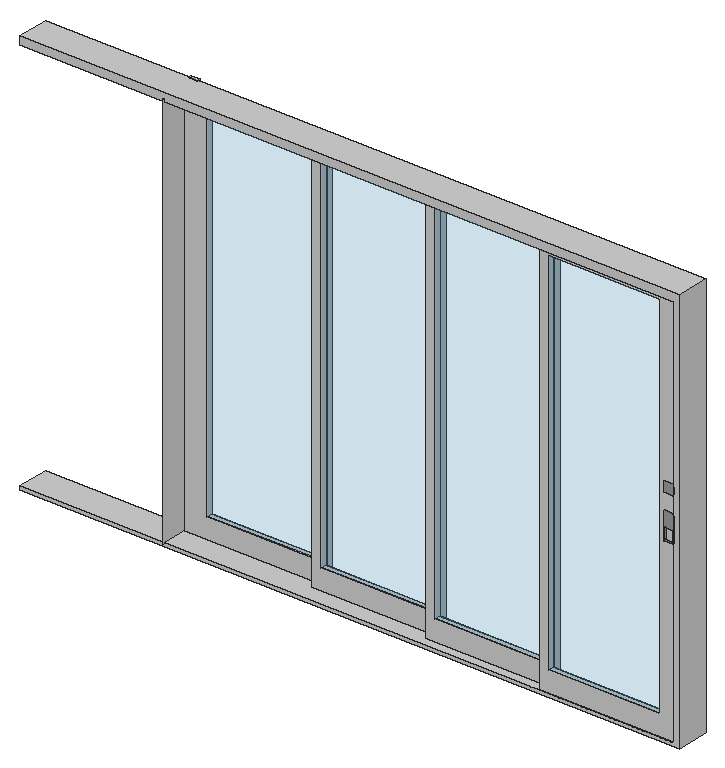
Revit family "Door-Slider-Pocket-Fleetwood-3070-PXXXX", category Doors, host Wall, Revit 2013
Parameters (values of type "Archetype Hardware - 3.5" Sightline Extender")
  Wall_Thickness [instance] = 12"
  URL = "www.fleetwoodusa.com"
  Thickness = 7.632"  # constant formula
  Shim_Space = 0.25"
  Rough Width = Width + 0.25" + Shim_Space  # 156.5"
  Rough Height = Height + Shim_Space  # 96.25"
  Pocket_Width = (roundup(((if(and(not(Panel_Width_1 < Panel_Width_2), not(Panel_Width_1 < Panel_Width_3), not(Panel_Width_1 < Panel_Width_4)), Panel_Width_1, if(and(not(Panel_Width_2 < Panel_Width_1), not(Panel_Width_2 < Panel_Width_3), not(Panel_Width_2 < Panel_Width_4)), Panel_Width_2, if(and(not(Panel_Width_3 < Panel_Width_1), not(Panel_Width_3 < Panel_Width_2), not(Panel_Width_3 < Panel_Width_4)), Panel_Width_3, Panel_Width_4))) + 2.25") * 4) / 1") * 1") / 4  # 36.25"
  Panel_Width_4 = if(Equal_Centerlines, (Daylight_Opening / 4) + 3.111", if(Equal Glass Sizes, ((Daylight_Opening - 9.1635") / 4) + 6.273", Daylight_Opening - Custom_CL_1 - Custom_CL_2 - Custom_CL_3 + 3.111"))  # 33.98213"
  Panel_Width_2 = if(Equal_Centerlines, ((Daylight_Opening / 4) + 2.074"), if(Equal Glass Sizes, (((Daylight_Opening - 9.1635") / 4) + 2.773"), Custom_CL_2 + 2.074"))  # 30.48213"
  Panel_Width_1 = if(Equal_Centerlines, ((Daylight_Opening / 4) + 0.0645"), if(Equal Glass Sizes, (((Daylight_Opening - 9.1635") / 4) + 4.668"), Custom_CL_1 + 0.0645"))  # 32.37713"
  Panel_Width_3 = if(Equal_Centerlines, ((Daylight_Opening / 4) + 2.074"), if(Equal Glass Sizes, (((Daylight_Opening - 9.1635") / 4) + 2.773"), Custom_CL_3 + 2.074"))  # 30.48213"
  Model = "3070"
  Manufacturer = "Fleetwood Windows and Doors"
  Interior Wrap Overhang = 0.375"
  Hardware = Stainless Steel, Brushed
  Glazing = Glass
  Frame_&_Panel = Aluminum, Anodized Clear
  Equal_Centerlines = no
  Equal Glass Sizes = if(or(Equal_Centerlines, Custom_Centerlines), 1 > 2, 1 < 2)  # yes
  Daylight_Opening = 120"
  Exterior Wrap Overhang = 0.5"
  Frame_Set_Back [instance] = (Wall_Thickness - Thickness) / 2  # 2.184"
  Function = Exterior
  Height = 96"
  Wall Closure = By host
  Width = Daylight_Opening + Pocket_Width - 0.25"  # 156"
  Custom_Centerlines = if(and(Custom_CL_1 > 6", Custom_CL_2 > 6", Custom_CL_3 > 6", not(Equal_Centerlines)), 1 < 2, 1 > 2)  # no
  Custom_CL_3 = 0"
  Custom_CL_2 = 0"
  Custom_CL_1 = 0"
  Configuration = "PXXXX"
  Analytic Construction = "<None>"
  Actuator_Height = 53.75"
Reference planes (in)
  plane 1 "Center (Front/Back)": y = 0
  plane 2 "Center (Left/Right)": x = -24
  plane 3 "Right": x = 36.25
  plane 4 "Top": z = 96.25
  plane 5 "Exterior": y = 6
  plane 6 "Interior": y = -6
  plane 7 "Exterior Wrap Depth": y = 3.816
  plane 8 "Interior Wrap Depth": y = -3.816
  plane 9 "Right Frame": x = 36
  plane 10 "Exerier Wrap Left": x = -84
  plane 11 "Exterior Wrap Right": x = 35.5
  plane 12 "Exterior Wrap Top": z = 95.75
  plane 13 "Interior Wrap Right": x = 35.875
  plane 14 "Interior Wrap Top": z = 95.875
  plane 15 "Frame Top": z = 96
  plane 16: z = 0.302
  plane 17: y = 10
  plane 18: x = -120.25
  plane 19: z = 94.074
  plane 20: x = 34.657
  plane 21: z = 0.71
  plane 22: x = -120
  plane 23: x = 35.02747
  plane 24: z = 94.7725
  plane 25 "pocket_closer": x = -86.074
  plane 26: y = 2.862
  plane 27: y = -2.862
  plane 28: y = -0.954
  plane 29: y = 0.954
Forms (in)
  Extrusion 1, void
    sketch origin (0, 0, 0) x (1, 0, 0) y (0, 1, 0)
      loop
        line (-84, 6) -> (-84, 3.816) -> (35.5, 3.816) -> (35.5, 6) -> (-84, 6)
    from 0 to 95.75
  Extrusion 2, void
    sketch origin (0, 0, 0) x (1, 0, 0) y (0, 1, 0)
      loop
        line (-84, 3.816) -> (-84, -3.816) -> (36.25, -3.816) -> (36.25, 3.816) -> (-84, 3.816)
    from 0 to 96.25
  Extrusion 3, void
    sketch origin (0, 0, 0) x (1, 0, 0) y (0, 1, 0)
      loop
        line (-84, -3.816) -> (-84, -6) -> (35.875, -6) -> (35.875, -3.816) -> (-84, -3.816)
    from 0 to 95.875
  Extrusion 4, void
    sketch origin (0, 0, 0) x (1, 0, 0) y (0, 1, 0)
      loop
        line (-120.25, 4.191) -> (-120.25, -4.191) -> (-84, -4.191) -> (-84, 4.191) -> (-120.25, 4.191)
    from 0 to 96.25
  Extrusion 5, solid, material "Aluminum, Anodized Clear" <- "Frame_&_Panel"
    sketch origin (0, 3.816, 0) x (1, 0, 0) y (0, 0, 1)
      loop
        line (-120, 94.074) -> (34.657, 94.074) -> (34.657, 0.71) -> (-120, 0.71) -> (-120, 0) -> (36, 0) -> (36, 96) -> (-120, 96) -> (-120, 94.074)
    from 0 to 7.632
  Extrusion 6, solid, material "Aluminum, Anodized Clear" <- "Frame_&_Panel"
    sketch origin (0, 0, 0) x (1, 0, 0) y (0, 1, 0)
      loop
        line (-86.074, 4.21204) -> (-86.074, 3.57684) -> (-84, 3.57684) -> (-84, 4.21204) -> (-86.074, 4.21204)
    from 0 to 96
  Extrusion 7, solid, material "Aluminum, Anodized Clear" <- "Frame_&_Panel"
    sketch origin (-86.074, 14.0328, 48) x (0, 1, 0) y (0, 0, 1)
      loop
        line (-10.45595, 46.7725) -> (-18.0363, 46.7725) -> (-18.0363, -47.698) -> (-10.45595, -47.698) -> (-10.45595, 46.7725)
    from 0 to -0.0625
Lines and regions (in)
  symbolic lines, not visible
    curve 1: line (-41.80247, 12.37674, 0) -> (-29.80247, 12.37674, 0)
    curve 2: line (-33.80247, 10.37674, 0) -> (-29.80247, 12.37674, 0)
    curve 3: line (-33.80247, 14.37674, 0) -> (-29.80247, 12.37674, 0)
Text (in)
  text "Exterior" at (-132.91204, 28.8494, 0), in view "Ref. Level"
  text "Interior" at (-132.91204, -21.81055, 0), in view "Ref. Level"
  text "Exterior" at (0, 40.15149, 123.01588), in view "Right"
  text "Interior" at (0, -64.39139, 123.01588), in view "Right"
  text "Interior" at (0, -31.01599, 123.00693), in view "Left"
  text "Exterior" at (0, 54.57065, 123.00693), in view "Left"
Dimensions and locks (in)
  "Frame_Set_Back": plane 7 "Exterior Wrap Depth" to plane 5 "Exterior"
  "Exterior Wrap Overhang": plane 11 "Exterior Wrap Right" to plane 9 "Right Frame"
  "Thickness": plane 7 "Exterior Wrap Depth" to plane 8 "Interior Wrap Depth"
  "Exterior Wrap Overhang": plane 12 "Exterior Wrap Top" to plane 4 "Top"
  "Interior Wrap Overhang": plane 13 "Interior Wrap Right" to plane 3 "Right"
  "Interior Wrap Overhang": plane 14 "Interior Wrap Top" to plane 4 "Top"
  "Rough Height": level to plane 4 "Top"
  "Height": level to plane 15 "Frame Top"
  "Wall_Thickness": host wall to host wall
  locked: level to plane 16 at 0.302
  locked: plane 5 "Exterior" to plane 17 at 4
  "Daylight_Opening": plane 10 "Exerier Wrap Left" to plane 9 "Right Frame"
  "Shim_Space": plane 9 "Right Frame" to plane 3 "Right"
  locked: plane 7 "Exterior Wrap Depth" to Extrusion 4 sketch curve at 0.375
  locked: plane 8 "Interior Wrap Depth" to Extrusion 4 sketch curve at 0.375
  "Pocket_Width": plane 18 to plane 10 "Exerier Wrap Left"
  locked: plane 19 to plane 15 "Frame Top" at 1.926
  locked: plane 20 to plane 9 "Right Frame" at 1.343
  locked: level to plane 21 at 0.71
  locked: plane 18 to plane 22 at 0.25
  locked: plane 23 to plane 9 "Right Frame" at 0.97253
  locked: plane 24 to plane 15 "Frame Top" at 1.2275
  locked: plane 25 "pocket_closer" to plane 10 "Exerier Wrap Left" at 2.074
  locked: plane 27 to plane 8 "Interior Wrap Depth" at 0.954
  locked: plane 26 to plane 7 "Exterior Wrap Depth" at 0.954
  locked: plane 27 to plane 28 at 1.908
  equal spacing: plane 10 "Exerier Wrap Left", plane 2 "Center (Left/Right)", plane 9 "Right Frame"
  locked: Extrusion 6 sketch curve to Extrusion 6 sketch curve at 0.6352
  locked: plane 8 "Interior Wrap Depth" to Extrusion 7 sketch curve at 0.1875
  locked: plane 28 to plane 29 at 1.908
  aligned and locked: plane 5 "Exterior" to host wall
  aligned and locked: host wall to plane 6 "Interior"
  aligned and locked: Extrusion 1 sketch curve to plane 7 "Exterior Wrap Depth"
  aligned and locked: plane 5 "Exterior" to Extrusion 1 sketch curve
  aligned and locked: plane 10 "Exerier Wrap Left" to Extrusion 1 sketch curve
  aligned and locked: plane 11 "Exterior Wrap Right" to Extrusion 1 sketch curve
  aligned and locked: Extrusion 1 to plane 12 "Exterior Wrap Top"
  aligned and locked: plane 3 "Right" to Extrusion 2 sketch curve
  aligned and locked: Extrusion 2 sketch curve to plane 7 "Exterior Wrap Depth"
  aligned and locked: plane 8 "Interior Wrap Depth" to Extrusion 2 sketch curve
  aligned and locked: Extrusion 2 to plane 4 "Top"
  aligned and locked: plane 13 "Interior Wrap Right" to Extrusion 3 sketch curve
  aligned and locked: Extrusion 3 sketch curve to plane 8 "Interior Wrap Depth"
  aligned and locked: Extrusion 3 sketch curve to plane 6 "Interior"
  aligned and locked: Extrusion 3 to plane 14 "Interior Wrap Top"
  aligned and locked: Extrusion 2 to plane 10 "Exerier Wrap Left"
  aligned and locked: Extrusion 4 sketch curve to plane 10 "Exerier Wrap Left"
  aligned and locked: Extrusion 4 to plane 4 "Top"
  aligned and locked: plane 18 to Extrusion 4
  aligned and locked: Extrusion 5 sketch curve to plane 22  (x2)
  aligned and locked: plane 9 "Right Frame" to Extrusion 5 sketch curve
  aligned and locked: level to Extrusion 5 sketch curve
  aligned and locked: Extrusion 5 sketch curve to plane 21
  aligned and locked: Extrusion 5 sketch curve to plane 20
  aligned and locked: plane 15 "Frame Top" to Extrusion 5 sketch curve
  aligned and locked: Extrusion 5 sketch curve to plane 19
  aligned and locked: Extrusion 5 to plane 8 "Interior Wrap Depth"
  aligned and locked: nested 1 to plane 17
  aligned and locked: nested 3 to plane 26
  aligned and locked: plane 25 "pocket_closer" to nested 3
  aligned and locked: nested 2 to nested 4
  aligned and locked: plane 28 to nested 4
  aligned and locked: nested 2 to plane 23
  aligned and locked: nested 4 to nested 1
  aligned and locked: nested 2 to nested 5
  aligned and locked: nested 3 to nested 6
  aligned and locked: plane 24 to nested 2
  aligned and locked: plane 24 to nested 4
  aligned and locked: nested 3 to plane 24
  aligned and locked: Extrusion 6 sketch curve to plane 10 "Exerier Wrap Left"
  aligned and locked: plane 25 "pocket_closer" to Extrusion 6 sketch curve
  aligned and locked: Extrusion 6 sketch curve to nested 3
  aligned and locked: Extrusion 6 to plane 15 "Frame Top"
  aligned and locked: Extrusion 7 sketch curve to plane 16
  aligned and locked: Extrusion 6 to Extrusion 7 sketch curve
  aligned and locked: Extrusion 7 sketch curve to plane 24
  aligned and locked: nested 2 to plane 27
  aligned and locked: nested 4 to nested 7
  aligned and locked: nested 7 to nested 8
  aligned and locked: plane 24 to nested 7
Automatic sketch dimensions
  Extrusion 2 sketch curve to plane 10 "Exerier Wrap Left" = 0"
  Extrusion 3 sketch curve to plane 10 "Exerier Wrap Left" = 0"
  Extrusion 4 sketch curve to plane 10 "Exerier Wrap Left" = 36.25"
Nested families (in)
  nested 1: "Arrow" at (-10.51672, 10, 0) x (-1, 0, 0) z (0, 0, 1), type "Arrow"
  nested 2: "3070_EX_Panel" at (11.02747, -2.862, 0.302), Panel_Finish <- "Frame_&_Panel", Hardware_Finish <- "Hardware", Glazing_Material <- "Glazing", Actuator_Height <- "Actuator_Height", Panel_Width <- "Panel_Width_1", type "Active Lead Panel Left Archetype"
    with Panel_Width 32.37713", Panel_Height 94.4705", Panel_Finish Aluminum, Anodized Clear, Hardware_Finish Stainless Steel, Brushed, Glazing_Material Glass, Glass_Width 26.33433", Actuator_Height 53.75"
  nested 3: "3070_EX_Panel" at (-76.09188, 2.862, 0.302), Panel_Finish <- "Frame_&_Panel", Hardware_Finish <- "Hardware", Glazing_Material <- "Glazing", Actuator_Height <- "Actuator_Height", Panel_Width <- "Panel_Width_4", type "Pocket Panel 3.5" Sightline Extender"
    with Panel_Width 33.98213", Panel_Height 94.4705", Panel_Finish Aluminum, Anodized Clear, Hardware_Finish Stainless Steel, Brushed, Glazing_Material Glass, Glass_Width 26.33393", Actuator_Height 53.75"
  nested 4: "3070_EX_Panel" at (-19.27566, -0.954, 0.302), Panel_Finish <- "Frame_&_Panel", Hardware_Finish <- "Hardware", Glazing_Material <- "Glazing", Actuator_Height <- "Actuator_Height", Panel_Width <- "Panel_Width_2", type "Sliding Panel  Interlock and Interlock"
    with Panel_Width 30.48213", Panel_Height 94.4705", Panel_Finish Aluminum, Anodized Clear, Hardware_Finish Stainless Steel, Brushed, Glazing_Material Glass, Glass_Width 26.33413", Actuator_Height 53.75"
  nested 5: "Arrow" at (18.83891, 10, 0) x (-1, 0, 0) z (0, 0, 1), type "Arrow"
  nested 6: "Arrow" at (-69.08294, 10, 0) x (-1, 0, 0) z (0, 0, 1), type "Arrow"
  nested 7: "3070_EX_Panel" at (-47.68378, 0.954, 0.302), Panel_Finish <- "Frame_&_Panel", Hardware_Finish <- "Hardware", Glazing_Material <- "Glazing", Actuator_Height <- "Actuator_Height", Panel_Width <- "Panel_Width_3", type "Sliding Panel  Interlock and Interlock"
    with Panel_Width 30.48213", Panel_Height 94.4705", Panel_Finish Aluminum, Anodized Clear, Hardware_Finish Stainless Steel, Brushed, Glazing_Material Glass, Glass_Width 26.33413", Actuator_Height 53.75"
  nested 8: "Arrow" at (-38.92484, 10, 0) x (-1, 0, 0) z (0, 0, 1), type "Arrow"
Definition of nested family "3070_EX_Panel"
  Parameters (values of type "Pocket Panel 3.5"SL Right Archetype Narrow")
    Top_Rail = if(Bottom_Rail_As_Top, 5.14844", 1.46094")  # 1.46094"
    Stile_Condition = 6
    Sightline_Extender_Condition = 0
    Right_Stile = if(or(Archetype_Stile, Archetype_Inactive_Panel), 3.9688", if(or(Archetype_Narrow_Inactive_Panel, Archetype_Narrow_Stile), 2.9102", if(Narrow_Fixed_Stile, 1.0195", if(Stile_Condition = 10, 5.464", 2.074"))))  # 2.9102"
    Panel_Width [instance] = 48"
    Panel_Height [instance] = 84"
    Panel_Finish [instance] = none
    Narrow_Fixed_Stile = Stile_Condition = 3  # no
    Model = ""
    Manufacturer = "Fleetwood Windows And Doors"
    Left_Stile = if([1_Sightline_Extender], 3.0742", if([2.5_Sightline_Extender], 4.5742", if([3.5_Sightline_Extender], 5.5742", 2.074")))  # 5.5742"
    Hardware_Finish [instance] = none
    Glass_Width [instance] = Panel_Width - (Right_Stile + Left_Stile)  # 39.5156"
    Double_Arrow = no
    Arrow = yes
    Archetype_Narrow_Inactive_Panel = Stile_Condition = 9  # no
    Archetype_Narrow_Hardware_L = Stile_Condition = 7  # no
    Archetype_Narrow_Hardware = yes
    Archetype_Inactive_Panel = Stile_Condition = 8  # no
    Archetype_Flush_Pulls = no
    Glazing_Material [instance] = none
    Glass_Thickness = 1"
    Description = ""
    Bottom_Rail_As_Top = no
    Bottom_Rail = 5.14844"  # constant formula
    Archetype_Narrow_Stile = or(Stile_Condition = 2, Stile_Condition = 6, Stile_Condition = 7, Stile_Condition = 9)  # yes
    Archetype_Stile = or(Stile_Condition = 1, Stile_Condition = 4, Stile_Condition = 5, Stile_Condition = 8)  # no
    Archetype_Narrow_Hardware_R = Stile_Condition = 6  # yes
    Archetype_Hardware_Right = Stile_Condition = 5  # no
    Archetype_Hardware_Left = Stile_Condition = 4  # no
    Archetype_Actuator = or(Archetype_Hardware_Right, Archetype_Hardware_Left)  # no
    Actuator_Height [instance] = 53.75"
    3.5_Sightline_Extender = yes
    2.5_Sightline_Extender = no
    1_Sightline_Extender = no
  Types (26): name | Stile_Condition | Sightline_Extender_Condition | Right_Stile | Narrow_Fixed_Stile | Left_Stile | Glass_Width | Double_Arrow | Arrow | Archetype_Narrow_Inactive_Panel | Archetype_Narrow_Hardware_L | Archetype_Narrow_Hardware | Archetype_Inactive_Panel | Archetype_Flush_Pulls | Description | Archetype_Narrow_Stile | Archetype_Stile | Archetype_Narrow_Hardware_R | Archetype_Hardware_Right | Archetype_Hardware_Left | Archetype_Actuator | Actuator_Height | 3.5_Sightline_Extender | 2.5_Sightline_Extender | 1_Sightline_Extender
    Sliding Panel  Interlock and Interlock | 0 | 0 | 2.074" | no | 2.074" | 43.852" | yes | yes | no | no | no | no | no | "" | no | no | no | no | no | no | 53.75" | no | no | no
    Pocket Panel 1" Sightline Extender | 0 | 1 | 2.074" | no | 3.0742" | 42.8518" | no | yes | no | no | no | no | no | "" | no | no | no | no | no | no | 53.75" | no | no | yes
    Pocket Panel 2.5" Sightline Extender | 0 | 2 | 2.074" | no | 4.5742" | 41.3518" | no | yes | no | no | no | no | no | "" | no | no | no | no | no | no | 53.75" | no | yes | no
    Pocket Panel 3.5" Sightline Extender | 0 | 3 | 2.074" | no | 5.5742" | 40.3518" | no | yes | no | no | no | no | no | "" | no | no | no | no | no | no | 53.75" | yes | no | no
    Active Lead Panel Right Archetype | 5 | 0 | 3.9688" | no | 2.074" | 41.9572" | no | yes | no | no | no | no | yes | "Fleetwood Sliding Door Panel" | no | yes | no | yes | no | yes | 53.9375" | no | no | no
    Active Lead Panel Right Archetype Narrow | 6 | 0 | 2.9102" | no | 2.074" | 43.0158" | no | yes | no | no | yes | no | no | "" | yes | no | yes | no | no | no | 53.75" | no | no | no
    Fixed Panel Narrow Fixed Stile | 3 | 0 | 1.0195" | yes | 2.074" | 44.9065" | no | no | no | no | no | no | no | "" | no | no | no | no | no | no | 53.75" | no | no | no
    Fixed Panel Archetype Narrow Stile | 2 | 0 | 2.9102" | no | 2.074" | 43.0158" | no | no | no | no | no | no | no | "" | yes | no | no | no | no | no | 53.75" | no | no | no
    Fixed Panel Archetype Stile | 1 | 0 | 3.9688" | no | 2.074" | 41.9572" | no | no | no | no | no | no | no | "" | no | yes | no | no | no | no | 53.75" | no | no | no
    Active Lead Panel Left Archetype | 4 | 0 | 3.9688" | no | 2.074" | 41.9572" | no | yes | no | no | no | no | yes | "" | no | yes | no | no | yes | yes | 53.9375" | no | no | no
    Active Lead Panel Left Archetype Narrow | 7 | 0 | 2.9102" | no | 2.074" | 43.0158" | no | yes | no | yes | yes | no | no | "" | yes | no | no | no | no | no | 53.75" | no | no | no
    Archetype_Inactive_Panel | 8 | 0 | 3.9688" | no | 2.074" | 41.9572" | no | yes | no | no | no | yes | yes | "" | no | yes | no | no | no | no | 53.75" | no | no | no
    Archetype_Narrow_Inactive_Panel | 9 | 0 | 2.9102" | no | 2.074" | 43.0158" | no | yes | yes | no | yes | no | no | "" | yes | no | no | no | no | no | 53.75" | no | no | no
    Archetype_90_Degree_Stile | 10 | 0 | 5.464" | no | 2.074" | 40.462" | no | yes | no | no | no | no | yes | "" | no | no | no | no | no | no | 53.75" | no | no | no
    Pocket_Panel_1"SL_Left_Archetype | 4 | 0 | 3.9688" | no | 3.0742" | 40.957" | no | yes | no | no | no | no | yes | "" | no | yes | no | no | yes | yes | 53.9375" | no | no | yes
    Pocket_Panel_2.5"SL_Left Archetype | 4 | 0 | 3.9688" | no | 4.5742" | 39.457" | no | yes | no | no | no | no | yes | "" | no | yes | no | no | yes | yes | 53.9375" | no | yes | no
    Pocket_Panel_3.5"SL_Left_Archetype | 4 | 0 | 3.9688" | no | 5.5742" | 38.457" | no | yes | no | no | no | no | yes | "" | no | yes | no | no | yes | yes | 53.9375" | yes | no | no
    Pocket_Panel 1"SL Left Archetype Narrow | 7 | 0 | 2.9102" | no | 3.0742" | 42.0156" | no | yes | no | yes | yes | no | no | "" | yes | no | no | no | no | no | 53.75" | no | no | yes
    Pocket_Panel_2.5"SL Left Archetype Narrow | 7 | 0 | 2.9102" | no | 4.5742" | 40.5156" | no | yes | no | yes | yes | no | no | "" | yes | no | no | no | no | no | 53.75" | no | yes | no
    Pocket_Panel_3.5"SL Left Archetype Narrow | 7 | 0 | 2.9102" | no | 5.5742" | 39.5156" | no | yes | no | yes | yes | no | no | "" | yes | no | no | no | no | no | 53.75" | yes | no | no
    Pocket Panel 1"SL Right Archetype | 5 | 0 | 3.9688" | no | 3.0742" | 40.957" | no | yes | no | no | no | no | yes | "Fleetwood Sliding Door Panel" | no | yes | no | yes | no | yes | 53.9375" | no | no | yes
    Pocket Panel 2.5"SL Right Archetype | 5 | 0 | 3.9688" | no | 4.5742" | 39.457" | no | yes | no | no | no | no | yes | "Fleetwood Sliding Door Panel" | no | yes | no | yes | no | yes | 53.9375" | no | yes | no
    Pocket Panel 3.5 SL Right Archetype | 5 | 0 | 3.9688" | no | 5.5742" | 38.457" | no | yes | no | no | no | no | yes | "Fleetwood Sliding Door Panel" | no | yes | no | yes | no | yes | 53.9375" | yes | no | no
    Pocket Panel 1"SL Right Archetype Narrow | 6 | 0 | 2.9102" | no | 3.0742" | 42.0156" | no | yes | no | no | yes | no | no | "" | yes | no | yes | no | no | no | 53.75" | no | no | yes
    Pocket Panel 2.5" SL Right Archetype Narrow | 6 | 0 | 2.9102" | no | 4.5742" | 40.5156" | no | yes | no | no | yes | no | no | "" | yes | no | yes | no | no | no | 53.75" | no | yes | no
    Pocket Panel 3.5"SL Right Archetype Narrow | 6 | 0 | 2.9102" | no | 5.5742" | 39.5156" | no | yes | no | no | yes | no | no | "" | yes | no | yes | no | no | no | 53.75" | yes | no | no
  Reference planes (in)
    plane 1 "Center (Front/Back)": y = 0
    plane 2: z = 0
    plane 3 "Center (Left/Right)": x = 0
    plane 4: y = -0.71484
    plane 5: y = 0.71484
    plane 6: x = -24
    plane 7: x = 24
    plane 8: z = 84
    plane 9: z = 5.14844
    plane 10: z = 82.53906
    plane 11: x = 21.0898
    plane 12: x = -18.4258
    plane 13: y = 0.5
    plane 14: y = -0.5
    plane 15: z = 53.75
    plane 16: x = 23.3198
    plane 17: y = 0
    plane 18: x = 22.74609
    plane 19: x = -22.96289
    plane 20: z = 42
    plane 21: x = -6
    plane 22: x = 6
    plane 23: x = -2
    plane 24: x = 2
  Forms (in)
    Extrusion 1, solid, material <- "Panel_Finish"
      sketch origin (0, 0, 0) x (1, 0, 0) y (0, 0, 1)
        loop
          line (24, 84) -> (-24, 84) -> (-24, 0) -> (24, 0) -> (24, 84)
        loop
          line (-18.4258, 5.14844) -> (21.0898, 5.14844) -> (21.0898, 82.53906) -> (-18.4258, 82.53906) -> (-18.4258, 5.14844)
      from -0.71484 to 0.71484
    Extrusion 2, solid, material <- "Glazing_Material"
      sketch origin (0, 0, 0) x (1, 0, 0) y (0, 0, 1)
        loop
          line (-18.4258, 82.53906) -> (-18.4258, 5.14844) -> (21.0898, 5.14844) -> (21.0898, 82.53906) -> (-18.4258, 82.53906)
      from -0.5 to 0.5
  Lines and regions (in)
    Masking region 1
      outline origin (0, 0, 0) x (1, 0, 0) y (0, 1, 0)
        loop
          line (-24, 0.71484) -> (-24, -0.71484) -> (24, -0.71484) -> (24, 0.71484) -> (-24, 0.71484)
    symbolic lines, visible <- "Arrow"
      curve 1: line (6, -0.71484, 42) -> (-6, -0.71484, 42)
      curve 2: line (-2, -0.71484, 40) -> (-6, -0.71484, 42)
      curve 3: line (-2, -0.71484, 44) -> (-6, -0.71484, 42)
    symbolic lines, visible <- "Double_Arrow"
      curve 4: line (2, -0.71484, 40) -> (6, -0.71484, 42)
      curve 5: line (2, -0.71484, 44) -> (6, -0.71484, 42)
  Dimensions and locks (in)
    equal spacing: plane 4, plane 1 "Center (Front/Back)", plane 5
    locked: plane 4 to plane 5 at 1.42969
    equal spacing: plane 6, plane 3 "Center (Left/Right)", plane 7
    "Panel_Width": plane 6 to plane 7
    "Panel_Height": plane 8 to plane 2
    "Bottom_Rail": plane 9 to level
    "Right_Stile": plane 7 to plane 11
    "Left_Stile": plane 12 to plane 6
    "Top_Rail": plane 8 to plane 10
    equal spacing: plane 14, plane 1 "Center (Front/Back)", plane 13
    "Glass_Thickness": plane 14 to plane 13
    "Actuator_Height": plane 15 to level
    locked: plane 18 to plane 7 at 1.25391
    locked: plane 6 to plane 19 at 1.03711
    equal spacing: plane 8, plane 20, level
    plane 22 to plane 3 "Center (Left/Right)" to plane 21 = 6" locked, 6" locked
    locked: plane 23 to plane 21 at 4
    locked: plane 22 to plane 24 at 4
    curve 3 to plane 20 to curve 2 = 2" locked, 2" locked
    locked: plane 15 to nested 1 at 5
    locked: plane 16 to plane 11 at 2.23
    aligned and locked: plane 2 to level
    aligned and locked: plane 8 to Extrusion 1 sketch curve
    aligned and locked: plane 7 to Extrusion 1 sketch curve
    aligned and locked: Extrusion 1 sketch curve to plane 2
    aligned and locked: Extrusion 1 sketch curve to plane 6
    aligned and locked: Extrusion 1 sketch curve to plane 12
    aligned and locked: plane 10 to Extrusion 1 sketch curve
    aligned and locked: plane 11 to Extrusion 1 sketch curve
    aligned and locked: Extrusion 1 sketch curve to plane 9
    aligned and locked: Extrusion 1 to plane 5
    aligned and locked: plane 4 to Extrusion 1
    aligned and locked: Extrusion 2 sketch curve to plane 10
    aligned and locked: plane 12 to Extrusion 2 sketch curve
    aligned and locked: plane 9 to Extrusion 2 sketch curve
    aligned and locked: Extrusion 2 sketch curve to plane 11
    aligned and locked: Extrusion 2 to plane 13
    aligned and locked: plane 14 to Extrusion 2
    aligned and locked: plane 1 "Center (Front/Back)" to nested 1
    aligned and locked: plane 16 to nested 1
    aligned and locked: plane 15 to nested 2
    aligned and locked: plane 18 to nested 2
    aligned and locked: plane 1 "Center (Front/Back)" to nested 2
    aligned and locked: plane 5 to Masking region 1 sketch curve
    aligned and locked: plane 6 to Masking region 1 sketch curve
    aligned and locked: Masking region 1 sketch curve to plane 4
    aligned and locked: Masking region 1 sketch curve to plane 7
    aligned and locked: plane 21 to curve 2
    aligned and locked: curve 1 to curve 2
    aligned and locked: plane 20 to curve 1
    aligned and locked: plane 24 to curve 5
    aligned and locked: plane 24 to curve 4
    aligned and locked: plane 22 to curve 5
    aligned and locked: nested 3 to plane 15
    aligned and locked: plane 16 to nested 3
    aligned and locked: nested 3 to plane 1 "Center (Front/Back)"
    aligned and locked: nested 4 to plane 1 "Center (Front/Back)"
    aligned and locked: nested 4 to plane 16
    aligned and locked: plane 15 to nested 4
  Automatic sketch dimensions
    curve 2 to plane 23 = 0"
    curve 3 to plane 23 = 0"
    curve 4 to plane 20 = 2"
    plane 20 to curve 5 = 2"
  Nested families (in)
    nested 1: "Archetype_Flush_Pulls" at (23.3198, 0, 42.25), Finish <- "Hardware_Finish", visible <- "Archetype_Flush_Pulls", type "Archetype_Flush_Pulls"
      with Finish none
    nested 2: "Archetype_Narrow_Hardware" at (22.74609, 0, 53.75), Finish <- "Hardware_Finish", Left <- "Archetype_Narrow_Hardware_L", visible <- "Archetype_Narrow_Hardware", Right <- "Archetype_Narrow_Hardware_R", type "Archetype_Narrow_Hardware", detail levels fine
      with Right yes, Pulls_Only no, Left no, Finish none
    nested 3: "Archetype_Actuator" at (23.3198, 0, 53.75) x (1, 0, 0) z (0, -1, 0), Finish <- "Hardware_Finish", visible <- "Archetype_Hardware_Left", type "Archetype_Actuator", detail levels fine
      with Finish none
    nested 4: "Archetype_Actuator" at (23.3198, 0, 53.75) x (1, 0, 0) z (0, 1, 0), Finish <- "Hardware_Finish", visible <- "Archetype_Hardware_Right", type "Archetype_Actuator", detail levels fine
      with Finish none
  Definition of nested family "Archetype_Flush_Pulls"
    Parameters (values of type "Archetype_Flush_Pulls")
      Finish [instance] = none
    Reference planes (in)
      plane 1 "Center (Front/Back)": y = 0
      plane 2: z = 0
      plane 3 "Center (Left/Right)": x = 0
      plane 4: z = 6.5
      plane 5: z = 0.27344
      plane 6: z = 3.07422
      plane 7: y = -0.80469
      plane 8: y = 0.80469
      plane 9: y = -0.80469
      plane 10: x = 1.1875
      plane 11: x = -1.1875
      plane 12: x = 0.91406
      plane 13: x = -0.91406
      plane 14 "ext": y = -0.80469
      plane 15 "int": y = 0.80469
      plane 16: z = 6.21875
      plane 17: z = 3.35547
    Forms (in)
      Extrusion 1, solid, material <- "Finish", detail levels fine
        sketch origin (0, 0, 0) x (1, 0, 0) y (0, 0, 1)
          loop
            arc (-0.9375, 6.5) -> (-1.11428, 6.42678) -> (-1.1875, 6.25) r 0.25
            line (-1.1875, 6.25) -> (-1.1875, 0.25)
            arc (-1.1875, 0.25) -> (-1.11428, 0.07322) -> (-0.9375, 0) r 0.25
            line (-0.9375, 0) -> (0.9375, 0)
            arc (0.9375, 0) -> (1.11428, 0.07322) -> (1.1875, 0.25) r 0.25
            line (1.1875, 0.25) -> (1.1875, 6.25)
            arc (1.1875, 6.25) -> (1.11428, 6.42678) -> (0.9375, 6.5) r 0.25
            line (0.9375, 6.5) -> (-0.9375, 6.5)
        from -0.80469 to 0.80469
      Extrusion 2, void
        sketch origin (0, -0.80469, 0) x (-1, 0, 0) y (0, 0, 1)
          loop
            line (0.78906, 3.07422) -> (-0.78906, 3.07422)
            arc (-0.78906, 3.07422) -> (-0.87745, 3.03761) -> (-0.91406, 2.94922) r 0.125
            line (-0.91406, 2.94922) -> (-0.91406, 0.39844)
            arc (-0.91406, 0.39844) -> (-0.87745, 0.31005) -> (-0.78906, 0.27344) r 0.125
            line (-0.78906, 0.27344) -> (0.78906, 0.27344)
            arc (0.78906, 0.27344) -> (0.87745, 0.31005) -> (0.91406, 0.39844) r 0.125
            line (0.91406, 0.39844) -> (0.91406, 2.94922)
            arc (0.91406, 2.94922) -> (0.87745, 3.03761) -> (0.78906, 3.07422) r 0.125
        from 0 to 1
      Extrusion 3, void
        sketch origin (0, 0.80469, 0) x (-1, 0, 0) y (0, 0, 1)
          loop
            arc (-0.78906, 6.21875) -> (-0.87745, 6.18214) -> (-0.91406, 6.09375) r 0.125
            line (-0.91406, 6.09375) -> (-0.91406, 3.48047)
            arc (-0.91406, 3.48047) -> (-0.87745, 3.39208) -> (-0.78906, 3.35547) r 0.125
            line (-0.78906, 3.35547) -> (0.78906, 3.35547)
            arc (0.78906, 3.35547) -> (0.87745, 3.39208) -> (0.91406, 3.48047) r 0.125
            line (0.91406, 3.48047) -> (0.91406, 6.09375)
            arc (0.91406, 6.09375) -> (0.87745, 6.18214) -> (0.78906, 6.21875) r 0.125
            line (0.78906, 6.21875) -> (-0.78906, 6.21875)
        from 0 to -1
    Cuts and joins
      Extrusion 2, Extrusion 3 cuts Extrusion 1
    Dimensions and locks (in)
      locked: plane 4 to level at 6.5
      locked: plane 11 to plane 10 at 2.375
      locked: plane 12 to plane 10 at 0.27344
      locked: plane 11 to plane 13 at 0.27344
      locked: plane 6 to plane 5 at 2.80078
      equal spacing: plane 15 "int", plane 1 "Center (Front/Back)", plane 14 "ext"
      locked: plane 15 "int" to plane 14 "ext" at 1.60938
      locked: plane 5 to level at 0.27344
      locked: plane 4 to plane 16 at 0.28125
      locked: plane 17 to plane 6 at 0.28125
      aligned and locked: plane 2 to level
      aligned and locked: Extrusion 2 sketch curve to plane 6
      aligned and locked: plane 12 to Extrusion 2 sketch curve
      aligned and locked: plane 5 to Extrusion 2 sketch curve
      aligned and locked: Extrusion 2 sketch curve to plane 13
      aligned and locked: plane 12 to Extrusion 3 sketch curve
      aligned and locked: Extrusion 3 sketch curve to plane 16
      aligned and locked: Extrusion 3 sketch curve to plane 13
      aligned and locked: plane 17 to Extrusion 3 sketch curve
    Automatic sketch dimensions
      plane 11 to Extrusion 1 sketch curve = 0"
      Extrusion 1 sketch curve to level = 0"
      Extrusion 1 sketch curve to plane 4 = 0"
      plane 10 to Extrusion 1 sketch curve = 0"
      Extrusion 1 sketch curve to plane 5 = 0.02344"
      plane 13 to Extrusion 1 sketch curve = 0.02344"
      Extrusion 1 sketch curve to plane 12 = 0.02344"  (x2)
      plane 12 to Extrusion 2 sketch curve = 0.125"  (x2)
      Extrusion 2 sketch curve to plane 13 = 0.125"  (x2)
      plane 12 to Extrusion 3 sketch curve = 0.125"  (x2)
      Extrusion 3 sketch curve to plane 13 = 0.125"  (x2)
  Definition of nested family "Archetype_Narrow_Hardware"
    Parameters (values of type "Archetype_Narrow_Hardware")
      Right [instance] = no
      Pulls_Only [instance] = if(or(Right, Left), 1 > 2, 1 < 2)  # yes
      Left [instance] = no
      Finish [instance] = none
    Reference planes (in)
      plane 1 "Center (Front/Back)": y = 0
      plane 2 "Actuator_Height": z = 0
      plane 3 "Center (Left/Right)": x = 0
      plane 4 "ext": y = 0.78906
      plane 5 "int": y = -0.78906
      plane 6: x = -0.6875
      plane 7: x = 0.6875
      plane 8: z = -1.75
      plane 9: z = 2.8125
      plane 10: z = 2.60547
      plane 11: x = 0.48047
      plane 12: x = -0.48047
      plane 13: z = -1.54297
      plane 14: z = 0.1875
      plane 15: z = -0.1875
      plane 16: z = 1.32031
      plane 17: z = 0
    Forms (in)
      Extrusion 1, solid, material <- "Finish", detail levels fine
        sketch origin (0, 0, 0) x (1, 0, 0) y (0, 0, 1)
          loop
            arc (-0.5625, 2.8125) -> (-0.65089, 2.77589) -> (-0.6875, 2.6875) r 0.125
            line (-0.6875, 2.6875) -> (-0.6875, -1.625)
            arc (-0.6875, -1.625) -> (-0.65089, -1.71339) -> (-0.5625, -1.75) r 0.125
            line (-0.5625, -1.75) -> (0.5625, -1.75)
            arc (0.5625, -1.75) -> (0.65089, -1.71339) -> (0.6875, -1.625) r 0.125
            line (0.6875, -1.625) -> (0.6875, 2.6875)
            arc (0.6875, 2.6875) -> (0.65089, 2.77589) -> (0.5625, 2.8125) r 0.125
            line (0.5625, 2.8125) -> (-0.5625, 2.8125)
        from -0.78906 to 0.78906
    Lines and regions (in)
      model lines, detail levels fine
        curve 1: line (0.5625, -0.78906, 2.8125) -> (-0.5625, -0.78906, 2.8125)
        curve 2: arc (0.6875, -0.78906, 2.6875) -> (0.65089, -0.78906, 2.77589) -> (0.5625, -0.78906, 2.8125) r 0.125
        curve 3: line (0.6875, -0.78906, -1.625) -> (0.6875, -0.78906, 2.6875)
        curve 4: arc (0.5625, -0.78906, -1.75) -> (0.65089, -0.78906, -1.71339) -> (0.6875, -0.78906, -1.625) r 0.125
        curve 5: line (-0.5625, -0.78906, -1.75) -> (0.5625, -0.78906, -1.75)
        curve 6: arc (-0.6875, -0.78906, -1.625) -> (-0.65089, -0.78906, -1.71339) -> (-0.5625, -0.78906, -1.75) r 0.125
        curve 7: line (-0.6875, -0.78906, 2.6875) -> (-0.6875, -0.78906, -1.625)
        curve 8: arc (-0.5625, -0.78906, 2.8125) -> (-0.65089, -0.78906, 2.77589) -> (-0.6875, -0.78906, 2.6875) r 0.125
        curve 9: line (-0.38672, -0.78906, 2.60547) -> (0.38672, -0.78906, 2.60547)
        curve 10: line (-0.48047, -0.78906, -1.44922) -> (-0.48047, -0.78906, 2.51172)
        curve 11: line (0.38672, -0.78906, -1.54297) -> (-0.38672, -0.78906, -1.54297)
        curve 12: line (0.48047, -0.78906, 2.51172) -> (0.48047, -0.78906, -1.44922)
        curve 13: arc (-0.48047, -0.78906, 2.51172) -> (-0.45301, -0.78906, 2.57801) -> (-0.38672, -0.78906, 2.60547) r 0.09375
        curve 14: arc (0.38672, -0.78906, 2.60547) -> (0.45301, -0.78906, 2.57801) -> (0.48047, -0.78906, 2.51172) r 0.09375
        curve 15: arc (0.48047, -0.78906, -1.44922) -> (0.45301, -0.78906, -1.51551) -> (0.38672, -0.78906, -1.54297) r 0.09375
        curve 16: arc (-0.38672, -0.78906, -1.54297) -> (-0.45301, -0.78906, -1.51551) -> (-0.48047, -0.78906, -1.44922) r 0.09375
        curve 17: line (0.5625, 0.78906, 2.8125) -> (-0.5625, 0.78906, 2.8125)
        curve 18: arc (0.6875, 0.78906, 2.6875) -> (0.65089, 0.78906, 2.77589) -> (0.5625, 0.78906, 2.8125) r 0.125
        curve 19: line (0.6875, 0.78906, -1.625) -> (0.6875, 0.78906, 2.6875)
        curve 20: arc (0.5625, 0.78906, -1.75) -> (0.65089, 0.78906, -1.71339) -> (0.6875, 0.78906, -1.625) r 0.125
        curve 21: line (-0.5625, 0.78906, -1.75) -> (0.5625, 0.78906, -1.75)
        curve 22: arc (-0.6875, 0.78906, -1.625) -> (-0.65089, 0.78906, -1.71339) -> (-0.5625, 0.78906, -1.75) r 0.125
        curve 23: line (-0.6875, 0.78906, 2.6875) -> (-0.6875, 0.78906, -1.625)
        curve 24: arc (-0.5625, 0.78906, 2.8125) -> (-0.65089, 0.78906, 2.77589) -> (-0.6875, 0.78906, 2.6875) r 0.125
        curve 25: line (-0.38672, 0.78906, 2.60547) -> (0.38672, 0.78906, 2.60547)
        curve 26: line (-0.48047, 0.78906, -1.44922) -> (-0.48047, 0.78906, 2.51172)
        curve 27: line (0.38672, 0.78906, -1.54297) -> (-0.38672, 0.78906, -1.54297)
        curve 28: line (0.48047, 0.78906, 2.51172) -> (0.48047, 0.78906, -1.44922)
        curve 29: arc (-0.48047, 0.78906, 2.51172) -> (-0.45301, 0.78906, 2.57801) -> (-0.38672, 0.78906, 2.60547) r 0.09375
        curve 30: arc (0.38672, 0.78906, 2.60547) -> (0.45301, 0.78906, 2.57801) -> (0.48047, 0.78906, 2.51172) r 0.09375
        curve 31: arc (0.48047, 0.78906, -1.44922) -> (0.45301, 0.78906, -1.51551) -> (0.38672, 0.78906, -1.54297) r 0.09375
        curve 32: arc (-0.38672, 0.78906, -1.54297) -> (-0.45301, 0.78906, -1.51551) -> (-0.48047, 0.78906, -1.44922) r 0.09375
      model lines, visible <- "Left", detail levels fine
        curve 33: line (0.48047, 0.78906, 1.32031) -> (-0.48047, 0.78906, 1.32031)
        curve 34: line (-0.48047, 0.78906, 0.1875) -> (0.48047, 0.78906, 0.1875)
        curve 35: line (0.48047, 0.78906, -0.1875) -> (-0.48047, 0.78906, -0.1875)
      model lines, visible <- "Right", detail levels fine
        curve 36: line (0.48047, -0.78906, 1.32031) -> (-0.48047, -0.78906, 1.32031)
        curve 37: line (-0.48047, -0.78906, 0.1875) -> (0.48047, -0.78906, 0.1875)
        curve 38: line (0.48047, -0.78906, -0.1875) -> (-0.48047, -0.78906, -0.1875)
    Dimensions and locks (in)
      equal spacing: plane 5 "int", plane 1 "Center (Front/Back)", plane 4 "ext"
      plane 5 "int" to plane 4 "ext" = 1.57812"
      equal spacing: plane 6, plane 3 "Center (Left/Right)", plane 7
      locked: plane 6 to plane 7 at 1.375
      locked: level to plane 8 at 1.75
      locked: plane 9 to level at 2.8125
      locked: plane 9 to plane 10 at 0.20703
      locked: plane 13 to plane 8 at 0.20703
      locked: plane 7 to plane 11 at 0.20703
      locked: plane 12 to plane 6 at 0.20703
      plane 15 to level to plane 14 to plane 16 = 0.1875" locked, 0.1875" locked, 1.13281" locked
      aligned and locked: plane 2 "Actuator_Height" to level
      aligned and locked: Extrusion 1 sketch curve to plane 9
      aligned and locked: Extrusion 1 sketch curve to plane 7
      aligned and locked: plane 6 to Extrusion 1 sketch curve
      aligned and locked: plane 8 to Extrusion 1 sketch curve
      aligned and locked: plane 5 "int" to Extrusion 1
      aligned and locked: Extrusion 1 to plane 4 "ext"
      aligned and locked: curve 2 to Extrusion 1
      aligned and locked: curve 4 to Extrusion 1
      aligned and locked: curve 6 to Extrusion 1
      aligned and locked: curve 8 to Extrusion 1
      aligned and locked: curve 9 to plane 10
      aligned and locked: curve 12 to plane 11
      aligned and locked: plane 13 to curve 11
      aligned and locked: plane 12 to curve 10
      aligned and locked: plane 10 to curve 25
      aligned and locked: curve 17 to plane 9
      aligned and locked: plane 8 to curve 21
      aligned and locked: curve 27 to plane 13
      aligned and locked: plane 6 to curve 23
      aligned and locked: curve 19 to plane 7
      aligned and locked: plane 11 to curve 33
      aligned and locked: plane 12 to curve 34
      aligned and locked: plane 11 to curve 35
      aligned and locked: plane 12 to curve 35
      aligned and locked: curve 33 to plane 16
      aligned and locked: plane 14 to curve 34
      aligned and locked: curve 35 to plane 15
      aligned and locked: plane 11 to curve 36
      aligned and locked: plane 12 to curve 36
      aligned and locked: plane 15 to curve 38
      aligned and locked: curve 37 to plane 14
      aligned and locked: plane 16 to curve 36
      aligned and locked: plane 2 "Actuator_Height" to plane 17
    Automatic sketch dimensions
      plane 8 to Extrusion 1 sketch curve = 0.125"
      plane 6 to Extrusion 1 sketch curve = 0.125"
      Extrusion 1 sketch curve to plane 7 = 0.125"  (x2)
      curve 21 to plane 12 = 0.08203"
      curve 19 to plane 13 = 0.08203"
      curve 17 to plane 12 = 0.08203"
      plane 12 to curve 25 = 0.09375"
      plane 12 to curve 27 = 0.09375"
      curve 27 to plane 11 = 0.09375"
      curve 25 to plane 11 = 0.09375"
      plane 11 to curve 17 = 0.08203"
      plane 12 to curve 9 = 0.09375"
      plane 13 to curve 12 = 0.09375"
      plane 12 to curve 11 = 0.09375"
      curve 9 to plane 11 = 0.09375"
  Definition of nested family "Archetype_Actuator"
    Parameters (values of type "Archetype_Actuator")
      Finish [instance] = none
    Reference planes (in)
      plane 1 "Center (Front/Back)": y = 0
      plane 2: z = 0
      plane 3 "Center (Left/Right)": x = 0
      plane 4: y = 1.1875
      plane 5: y = -1.1875
      plane 6: x = -1.1875
      plane 7: x = 1.1875
      plane 8: x = 0.91016
      plane 9: x = -0.91016
      plane 10: y = 0.91016
      plane 11: y = -0.91016
    Forms (in)
      Extrusion 1, solid, material <- "Finish"
        sketch origin (0, 0, 0) x (1, 0, 0) y (0, 1, 0)
          loop
            arc (-0.9375, 1.1875) -> (-1.11428, 1.11428) -> (-1.1875, 0.9375) r 0.25
            line (-1.1875, 0.9375) -> (-1.1875, -0.9375)
            arc (-1.1875, -0.9375) -> (-1.11428, -1.11428) -> (-0.9375, -1.1875) r 0.25
            line (-0.9375, -1.1875) -> (0.9375, -1.1875)
            arc (0.9375, -1.1875) -> (1.11428, -1.11428) -> (1.1875, -0.9375) r 0.25
            line (1.1875, -0.9375) -> (1.1875, 0.9375)
            arc (1.1875, 0.9375) -> (1.11428, 1.11428) -> (0.9375, 1.1875) r 0.25
            line (0.9375, 1.1875) -> (-0.9375, 1.1875)
        from 0 to 0.80469
    Dimensions and locks (in)
      aligned and locked: plane 2 to level
Definition of nested family "Arrow"
  Parameters (values of type "Arrow")
    Analytic Construction = "<None>"
  Reference planes (in)
    plane 1: y = 0
    plane 2: z = 0
    plane 3: x = 0
  Lines and regions (in)
    symbolic lines
      curve 1: line (-6, 0, 0) -> (6, 0, 0)
      curve 2: line (2, -2, 0) -> (6, 0, 0)
      curve 3: line (2, 2, 0) -> (6, 0, 0)
